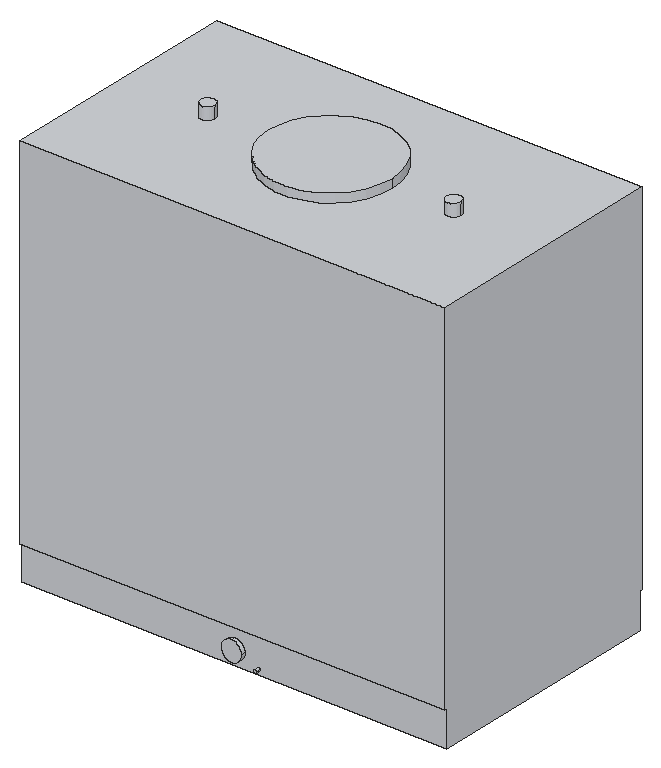
Revit family "M_Torre de resfriamento - Indução", category Equipamento mecânico, Revit 2019
Family settings
  Cota do conector redondo = Usar raio
  Tipo de parte = Normal
  Número OmniClass = 23.75.10.37.11
  Título OmniClass = Mechanical-Draft Cooling Towers
  ID de item do Seek = Cooling Tower - Induction-0000-CAN-ENU
  Com base no plano de trabalho = Não
  Sempre na vertical = Sim
  Corte com vazios quando carregada = Não
  Compartilhado = Não
  Ponto de cálculo do ambiente = Não
Parameters (values of type "5714 kW")
  Largura1 = 16 mm
  Largura 2 = Largura1 + 51 mm  # 67 mm
  Voltagem = 460 V
  Raio interno superior = 125 mm
  Diâmetro interno superior = Raio interno superior * 2  # 250 mm
  Queda de pressão [instance] = (Altura1 / 1 mm) * 248.84 Pa + 49021.5 Pa  # 1748349.8 Pa
  Queda de pressão da composição [instance] = 80000.0 Pa
  Raio da saída = 175 mm
  Diâmetro da saída = Raio da saída * 2  # 350 mm
  Número de pólos = 3
  Alimentação do motor = 74600 VA
  Raio da entrada da composição = 25 mm
  Diâmetro da entrada da composição = Raio da entrada da composição * 2  # 50 mm
  Fluxo da composição [instance] = 4.92 L/s
  Classificação de carga = Refrigeração
  Altura1 = 6829 mm
  Meia largura = Largura da torre de refrigeração / 2  # 2122.5 mm
  Meio comprimento = Comprimento da torre de refrigeração / 2  # 3664 mm
  Fluxo 1 [instance] = 123.0 L/s
  Raio da drenagem = 25 mm
  Diâmetro da drenagem = Raio da drenagem * 2  # 50 mm
  Largura da torre de refrigeração = 4245 mm
  Material da torre de refrigeração = none
  Comprimento da torre de refrigeração = 7328 mm
  Altura da torre de refrigeração = 6982 mm
  Fluxo de circulação [instance] = 246.0 L/s
  C5 Deslocamento1 = 4077 mm
  C4 Deslocamento1 = 3080 mm
  C3 Deslocamento2 = 245 mm
  C1 Deslocamento1 = 2123 mm
Types (10, lengths in mm): name | Largura1 | Largura 2 | Raio interno superior | Diâmetro interno superior | Queda de pressão | Queda de pressão da composição | Raio da saída | Diâmetro da saída | Alimentação do motor | Raio da entrada da composição | Diâmetro da entrada da composição | Fluxo da composição | Altura1 | Meia largura | Meio comprimento | Fluxo 1 | Largura da torre de refrigeração | Comprimento da torre de refrigeração | Altura da torre de refrigeração | Fluxo de circulação | C5 Deslocamento1 | C4 Deslocamento1 | C3 Deslocamento2 | C1 Deslocamento1
  (no name) | 16 | 67 | 125 | 250 | 1748349.8 Pa | 80000.0 Pa | 175 | 350 | 74600 VA | 25 | 50 | 4.92 L/s | 6829 | 2122.5 | 3664 | 123.0 L/s | 4245 | 7328 | 6982 | 246.0 L/s | 4077 | 3080 | 245 | 2123
  1319 kW | 6 | 57 | 75 | 150 | 704714.9 Pa | 20000.0 Pa | 100 | 200 | 14900 VA | 12.5 | 25 | 1.14 L/s | 2635 | 1292.5 | 2749.5 | 28.39 L/s | 2585 | 5499 | 2835 | 56.8 L/s | 3162 | 2165 | 205 | 1292
  1758 kW | 6 | 57 | 75 | 150 | 805992.8 Pa | 30000.0 Pa | 100 | 200 | 22400 VA | 12.5 | 25 | 1.51 L/s | 3042 | 1292.5 | 2749.5 | 37.9 L/s | 2585 | 5499 | 3242 | 75.7 L/s | 3162 | 2165 | 205 | 1292
  2417 kW | 32 | 83 | 75 | 150 | 907021.8 Pa | 40000.0 Pa | 125 | 250 | 22400 VA | 20 | 40 | 2.08 L/s | 3448 | 1489 | 3054.5 | 52.1 L/s | 2978 | 6109 | 3686 | 104.0 L/s | 3467 | 2470 | 232 | 1489
  2945 kW | 32 | 83 | 100 | 200 | 907021.8 Pa | 50000.0 Pa | 125 | 250 | 44700 VA | 20 | 40 | 2.52 L/s | 3448 | 1800.5 | 3283 | 63.4 L/s | 3601 | 6566 | 3712 | 126.8 L/s | 3696 | 2699 | 232 | 1800
  3736 kW | 32 | 83 | 100 | 200 | 1221555.6 Pa | 60000.0 Pa | 150 | 300 | 44700 VA | 20 | 40 | 3.22 L/s | 4712 | 1800.5 | 3283 | 80.4 L/s | 3601 | 6566 | 5001 | 161.0 L/s | 3696 | 2699 | 232 | 1800
  4263 kW | 32 | 83 | 100 | 200 | 1423862.5 Pa | 70000.0 Pa | 150 | 300 | 56000 VA | 20 | 40 | 3.66 L/s | 5525 | 1800.5 | 3283 | 91.8 L/s | 3601 | 6566 | 5813 | 184.0 L/s | 3696 | 2699 | 232 | 1800
  4835 kW | 32 | 83 | 100 | 200 | 1625920.6 Pa | 80000.0 Pa | 150 | 300 | 56000 VA | 20 | 40 | 4.16 L/s | 6337 | 1800.5 | 3283 | 104.0 L/s | 3601 | 6566 | 6626 | 208.0 L/s | 3696 | 2699 | 232 | 1800
  5714 kW | 16 | 67 | 125 | 250 | 1748349.8 Pa | 80000.0 Pa | 175 | 350 | 74600 VA | 25 | 50 | 4.92 L/s | 6829 | 2122.5 | 3664 | 123.0 L/s | 4245 | 7328 | 6982 | 246.0 L/s | 4077 | 3080 | 245 | 2123
  1055 kW | 6 | 57 | 75 | 150 | 704714.9 Pa | 20000.0 Pa | 100 | 200 | 14900 VA | 12.5 | 25 | 1.14 L/s | 2635 | 1292.5 | 2749.5 | 28.39 L/s | 2585 | 5499 | 2835 | 45.42 L/s | 3162 | 2165 | 205 | 1292
Reference planes
  plane 1 "Centro (Frente/Trás)": y = 0
  plane 2: z = 0
  plane 3 "Centro (Esquerda/Direita)": x = 0
  plane 4: z = 6829
  plane 5: z = 609.6
  plane 6: z = 6982
  plane 7: z = 7032.2
  plane 8: z = 245
  plane 9: z = 76.2
  plane 10: z = 863.6
  plane 11: y = -50.8
  plane 12: y = 4194.2
  plane 13: y = 4143.4
  plane 14: x = 7328
  plane 15: y = 2071.7
  plane 16: x = 3664
  plane 17: x = 1541
  plane 18: x = 5787
  plane 19: y = -66.8
  plane 20: x = 3080
  plane 21: x = 4077
Forms (mm)
  Extrusion 1, solid, material <- "Material da torre de refrigeração"
    sketch origin (0, 0, 0) x (1, 0, 0) y (0, 1, 0)
      loop
        line (0, 0) -> (7328, 0) -> (7328, 4143.4) -> (0, 4143.4) -> (0, 0)
    from 0 to 609.6
  Extrusion 2, solid, material <- "Material da torre de refrigeração"
    sketch origin (0, 0, 0) x (1, 0, 0) y (0, 1, 0)
      loop
        line (0, -50.8) -> (7328, -50.8) -> (7328, 4194.2) -> (0, 4194.2) -> (0, -50.8)
    from 6829 to 609.6
  Extrusion 3, solid, material <- "Material da torre de refrigeração"
    sketch origin (0, 0, 0) x (1, 0, 0) y (0, 1, 0)
      loop
        circle (3664, 2071.7) r 1066.8
    from 6829 to 6982
  Extrusion 4, solid, material <- "Material da torre de refrigeração"
    sketch origin (0, 0, 0) x (1, 0, 0) y (0, 1, 0)
      loop
        circle (1541, 2071.7) r 125
    from 6829 to 7032.2
  Extrusion 5, solid, material <- "Material da torre de refrigeração"
    sketch origin (0, 0, 0) x (1, 0, 0) y (0, 1, 0)
      loop
        circle (5787, 2071.7) r 125
    from 6829 to 7032.2
  Extrusion 6, solid, material <- "Material da torre de refrigeração"
    sketch origin (0, 0, 0) x (1, 0, 0) y (0, 0, 1)
      loop
        circle (3664, 245) r 175
    from 0 to 66.8
  Extrusion 7, solid, material <- "Material da torre de refrigeração"
    sketch origin (0, 0, 0) x (1, 0, 0) y (0, 0, 1)
      loop
        circle (4077, 76.2) r 25
    from 0 to 66.8
Cuts and joins
  joined: Extrusion 1, Extrusion 2, Extrusion 3, Extrusion 4, Extrusion 5, Extrusion 6, Extrusion 7
Lines and regions (mm)
  model lines, detail levels medium+fine
    curve 1: line (7328, -50.8, 6752.8) -> (7328, 4194.2, 6752.8)
    curve 2: line (7328, -50.8, 6676.6) -> (7328, 4194.2, 6676.6)
    curve 3: line (7328, -50.8, 6600.4) -> (7328, 4194.2, 6600.4)
    curve 4: line (7328, -50.8, 6524.2) -> (7328, 4194.2, 6524.2)
    curve 5: line (7328, -50.8, 6448) -> (7328, 4194.2, 6448)
    curve 6: line (7328, -50.8, 6371.8) -> (7328, 4194.2, 6371.8)
    curve 7: line (7328, -50.8, 6295.6) -> (7328, 4194.2, 6295.6)
    curve 8: line (7328, -50.8, 6219.4) -> (7328, 4194.2, 6219.4)
    curve 9: line (7328, -50.8, 6143.2) -> (7328, 4194.2, 6143.2)
    curve 10: line (7328, -50.8, 6067) -> (7328, 4194.2, 6067)
    curve 11: line (7328, -50.8, 5990.8) -> (7328, 4194.2, 5990.8)
    curve 12: line (7328, -50.8, 5914.6) -> (7328, 4194.2, 5914.6)
    curve 13: line (7328, -50.8, 5838.4) -> (7328, 4194.2, 5838.4)
    curve 14: line (7328, -50.8, 5762.2) -> (7328, 4194.2, 5762.2)
Dimensions and locks
  "Altura1": plane 4 to plane 2
  locked: plane 5 to plane 2 at 609.6
  "Altura da torre de refrigeração": plane 6 to plane 2
  "C3 Deslocamento2": plane 8 to plane 2
  plane 9 to plane 2 = 76.2 mm
  locked: plane 10 to plane 2 at 863.6
  locked: plane 11 to plane 1 "Centro (Frente/Trás)" at 50.8
  "Largura da torre de refrigeração": plane 12 to plane 11
  plane 12 to plane 13 = 50.8 mm
  "Comprimento da torre de refrigeração": plane 3 "Centro (Esquerda/Direita)" to plane 14
  locked: plane 7 to plane 4 at 203.2
  equal spacing: plane 12, plane 15, plane 11
  equal spacing: plane 3 "Centro (Esquerda/Direita)", plane 16, plane 14
  "C1 Deslocamento1": plane 17 to plane 16
  "C1 Deslocamento1": plane 18 to plane 16
  "Largura1": plane 19 to plane 11
  "C4 Deslocamento1": plane 20 to plane 3 "Centro (Esquerda/Direita)"
  "C5 Deslocamento1": plane 21 to plane 3 "Centro (Esquerda/Direita)"
  locked: connector elem to plane 10 at 0
  locked: connector elem to plane 20 at 0
  locked: plane 4 to curve 1 at 76.2
  radius of Extrusion 3 sketch curve = 1066.8 mm
  "Raio interno superior": radius of Extrusion 4 sketch curve
  "Raio interno superior": radius of Extrusion 5 sketch curve
  "Raio da saída": radius of Extrusion 6 sketch curve
  "Raio da drenagem": radius of Extrusion 7 sketch curve
  aligned and locked: plane 3 "Centro (Esquerda/Direita)" to Extrusion 1 sketch curve
  aligned and locked: plane 1 "Centro (Frente/Trás)" to Extrusion 1 sketch curve
  aligned and locked: Extrusion 1 sketch curve to plane 13
  aligned and locked: plane 14 to Extrusion 1 sketch curve
  aligned and locked: Extrusion 1 to plane 2
  aligned and locked: Extrusion 1 to plane 5
  aligned and locked: plane 3 "Centro (Esquerda/Direita)" to Extrusion 2 sketch curve
  aligned and locked: Extrusion 2 sketch curve to plane 11
  aligned and locked: Extrusion 2 sketch curve to plane 12
  aligned and locked: plane 14 to Extrusion 2 sketch curve
  aligned and locked: plane 5 to Extrusion 2
  aligned and locked: Extrusion 2 to plane 4
  aligned and locked: plane 16 to Extrusion 3 sketch curve
  aligned and locked: plane 15 to Extrusion 3 sketch curve
  aligned and locked: plane 4 to Extrusion 3
  aligned and locked: Extrusion 3 to plane 6
  aligned and locked: plane 17 to Extrusion 4 sketch curve
  aligned and locked: plane 15 to Extrusion 4 sketch curve
  aligned and locked: plane 18 to Extrusion 5 sketch curve
  aligned and locked: plane 15 to Extrusion 5 sketch curve
  aligned and locked: plane 7 to Extrusion 4
  aligned and locked: Extrusion 5 to plane 7
  aligned and locked: Extrusion 4 to plane 4
  aligned and locked: plane 4 to Extrusion 5
  aligned and locked: plane 16 to Extrusion 6 sketch curve
  aligned and locked: Extrusion 6 sketch curve to plane 8
  aligned and locked: plane 21 to Extrusion 7 sketch curve
  aligned and locked: Extrusion 7 sketch curve to plane 9
  aligned and locked: Extrusion 6 to plane 19
  aligned and locked: Extrusion 7 to plane 19
  aligned and locked: Extrusion 7 to plane 1 "Centro (Frente/Trás)"
  aligned and locked: Extrusion 6 to plane 1 "Centro (Frente/Trás)"
  aligned and locked: plane 12 to curve 14
  aligned and locked: plane 12 to curve 13
  aligned and locked: plane 12 to curve 11
  aligned and locked: plane 12 to curve 8
  aligned and locked: plane 12 to curve 10
  aligned and locked: plane 12 to curve 7
  aligned and locked: plane 12 to curve 6
  aligned and locked: plane 12 to curve 4
  aligned and locked: plane 12 to curve 2
  aligned and locked: plane 12 to curve 3
  aligned and locked: plane 12 to curve 5
  aligned and locked: plane 12 to curve 9
  aligned and locked: plane 12 to curve 1
  aligned and locked: plane 12 to curve 12
  aligned and locked: plane 11 to curve 14
  aligned and locked: plane 11 to curve 13
  aligned and locked: plane 11 to curve 11
  aligned and locked: plane 11 to curve 6
  aligned and locked: plane 11 to curve 9
  aligned and locked: plane 11 to curve 1
  aligned and locked: plane 11 to curve 2
  aligned and locked: plane 11 to curve 3
  aligned and locked: plane 11 to curve 4
  aligned and locked: plane 11 to curve 5
  aligned and locked: plane 11 to curve 7
  aligned and locked: plane 11 to curve 8
  aligned and locked: plane 11 to curve 10
  aligned and locked: plane 11 to curve 12
Automatic sketch dimensions
  curve 2 to curve 1 = 76.2 mm
  curve 3 to curve 2 = 76.2 mm
  curve 4 to curve 3 = 76.2 mm
  curve 5 to curve 4 = 76.2 mm
  curve 6 to curve 5 = 76.2 mm
  curve 7 to curve 6 = 76.2 mm
  curve 8 to curve 7 = 76.2 mm
  curve 9 to curve 8 = 76.2 mm
  curve 10 to curve 9 = 76.2 mm
  curve 11 to curve 9 = 152.4 mm
  curve 12 to curve 11 = 76.2 mm
  curve 13 to curve 12 = 76.2 mm
  curve 14 to curve 13 = 76.2 mm
Connectors
  piping at (3664, -66.8, 245), diameter 350, driven by "Fluxo de circulação", driven by "Raio da saída", driven by "Queda de pressão"
    settings: on Extrusion 6, index 1, connector inside diameter 350 mm, connector length 0 mm, flow factor 0, pipe flow 246.0 L/s, pressure drop 1748349.8 Pa, fitting loss kfactor 0, connector angle 0.00°, fixture units 0, engagement length 0 mm, angle of deflection 0.00°, flow configuration 0, flow direction 2, fitting loss method 4, system type 7, joint type 0, gender type 0, connector reference index -1, connector utility 0, adjustable connector no, is connector primary yes, connector description "Saída de água do condensador"
  piping at (1541, 2071.7, 7032.2), diameter 250, driven by "Raio interno superior", driven by "Fluxo 1"
    settings: on Extrusion 4, index 2, connector inside diameter 250 mm, connector length 0 mm, flow factor 0, pipe flow 123.0 L/s, pressure drop 0.0 Pa, fitting loss kfactor 0, connector angle 0.00°, fixture units 0, engagement length 0 mm, angle of deflection 0.00°, flow configuration 0, flow direction 1, fitting loss method 4, system type 8, joint type 0, gender type 0, connector reference index -1, connector utility 0, adjustable connector no, is connector primary no, connector description "Entrada de água do condensador"
  piping at (5787, 2071.7, 7032.2), diameter 250, driven by "Raio interno superior", driven by "Fluxo 1"
    settings: on Extrusion 5, index 3, connector inside diameter 250 mm, connector length 0 mm, flow factor 0, pipe flow 123.0 L/s, pressure drop 0.0 Pa, fitting loss kfactor 0, connector angle 0.00°, fixture units 0, engagement length 0 mm, angle of deflection 0.00°, flow configuration 0, flow direction 1, fitting loss method 4, system type 8, joint type 0, gender type 0, connector reference index -1, connector utility 0, adjustable connector no, is connector primary no, connector description "Entrada de água do condensador"
  piping at (3080, -50.8, 863.6), diameter 50, driven by "Raio da entrada da composição", driven by "Queda de pressão da composição", driven by "Fluxo da composição"
    settings: on plane 11, index 4, connector inside diameter 50 mm, connector length 0 mm, flow factor 0, pipe flow 4.92 L/s, pressure drop 80000.0 Pa, fitting loss kfactor 0, connector angle 0.00°, fixture units 0, engagement length 0 mm, angle of deflection 0.00°, flow configuration 1, flow direction 1, fitting loss method 4, system type 20, joint type 0, gender type 0, connector reference index -1, connector utility 0, adjustable connector no, is connector primary no, connector description "Entrada de água composta"
  piping at (4077, -66.8, 76.2), diameter 50, driven by "Raio da drenagem"
    settings: on Extrusion 7, index 5, connector inside diameter 50 mm, connector length 0 mm, flow factor 0, pipe flow 0.0 L/s, pressure drop 0.0 Pa, fitting loss kfactor 0, connector angle 0.00°, fixture units 0, engagement length 0 mm, angle of deflection 0.00°, flow configuration 1, flow direction 2, fitting loss method 0, system type 16, joint type 0, gender type 0, connector reference index -1, connector utility 0, adjustable connector no, is connector primary no, connector description "Saída da drenagem"
  electrical at (3664, 2071.7, 6982), driven by "Alimentação do motor", driven by "Voltagem", driven by "Número de pólos", driven by "Classificação de carga"
    settings: on Extrusion 3, index 6, voltage 460 V, apparent load 74600 VA, apparent load phase1 0 VA, apparent load phase2 0 VA, apparent load phase3 0 VA, power factor 0.8, load classification "Refrigeração", number of poles 3, system type 30, power factor state 1, is connector primary yes, connector utility no, sub classification motor no, connector description ""
